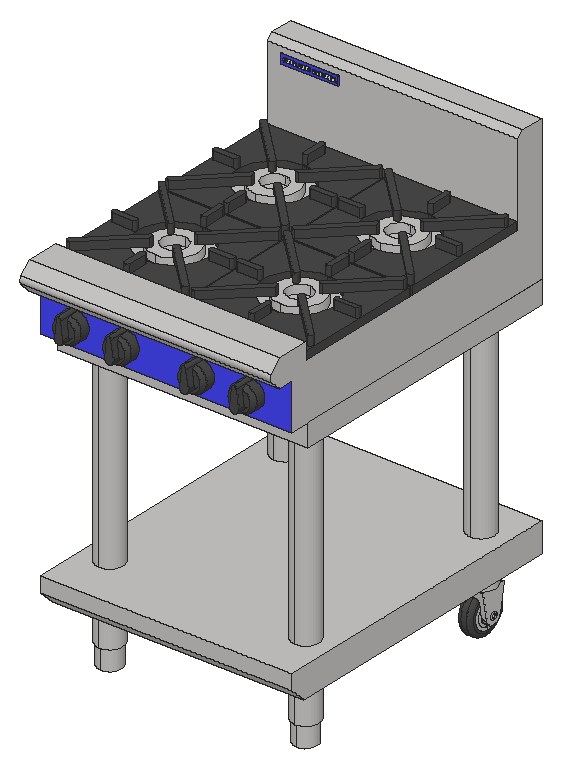
Revit family "QF_MOFFAT_BLUESEAL_CE_G514D-LS", category Specialty Equipment, Revit 2012
Parameters
  Weight in Pounds = 176  # constant formula
  URL Cutsheet = "www.moffat.com"
  URL = "www.moffat.com"
  Type Mark [instance] = ""
  Status [instance] = ""
  Specification by User [instance] = ""
  Specification by Manufacturer = ""
  Show Logo [instance] = yes
  Show Casters [instance] = yes
  Serial Number = ""
  Seismic Rating = ""
  SMACNA No = ""
  Revision Code [instance] = ""
  Omniclass Number and Title = ""
  NAFEM Spec ID Number = ""
  Model = "G514D-LS"
  Mechanical Remarks = ""
  Mechanical Connection Type = ""
  Masterspec = ""
  Manufacturer = "MOFFAT BLUESEAL"
  Legs [instance] = not(Show Casters)  # no
  Item Number [instance] = ""
  Installed By [instance] = ""
  Identify Quantity as Lot [instance] = yes
  Gas Size = 3/4"
  Gas RI Height = 0 mm
  Gas KW = 28
  Gas Input = 96400.0 Btu/h
  Gas Connection Height = 0 mm
  Furnished By [instance] = ""
  Foodservice Equipment Identifier [instance] = yes
  Description = "600MM GAS COOK TOP ON LEG STAND"
  CSI MasterFormat = ""
  CSI Master Format = ""
  Base Height [instance] = 150 mm
Reference planes
  plane 1 "BACK": y = 0
  plane 2: z = 0
  plane 3 "LEFT": x = 0
  plane 4 "RIGHT": x = 600
  plane 5 "FRONT": y = -812
  plane 6 "TOP": z = 970
  plane 7 "Center Y": x = 300
  plane 8 "Center X": y = -406
  plane 9 "Base Height": z = 150
  plane 10: z = 915
  plane 11: y = -31
  plane 12: x = 470
  plane 13: z = 1085
  plane 14: y = -625
  plane 15: y = -100
  plane 16: z = 655
Forms (mm)
  Extrusion 1, solid, material "QF_Finishes_Stainless Steel"
    sketch origin (0, 0, 0) x (0, 1, 0) y (0, 0, 1)
      loop
        line (-749, 850) -> (-749, 740) -> (0, 740) -> (0, 1085) -> (-57.5, 1085) -> (-70, 1072.5) -> (-70, 875) -> (-705, 875) -> (-705, 915) -> (-783.97, 915) -> (-808.485, 890.485)
        arc (-808.485, 890.485) -> (-811.999, 882) -> (-808.485, 873.515) r 12
        line (-808.485, 873.515) -> (-784.97, 850) -> (-749, 850)
      loop
        line (0, 685) -> (0, 739.5) -> (-699, 739.5) -> (-699, 685) -> (0, 685)
      loop
        line (0, 222.5) -> (-749, 222.5) -> (-749, 186) -> (-713, 150) -> (0, 150) -> (0, 222.5)
    from 0 to 600
  Revolve 2, solid, material "QF_Finishes_Black"
    sketch origin (90, 7, 600) x (0, 1, 0) y (0, 0, -1)
      loop
        line (-789, -229.5) -> (-766, -229.5) -> (-766, -202) -> (-756, -202) -> (-756, -197) -> (-800, -197) -> (-800, -223.651) -> (-789, -229.5)
      axis (-800, -197) -> (-756, -197)
    angle from 0 to 360
  Extrusion 3, solid, material "QF_Finishes_Black"
    sketch origin (90, -759, 797) x (0, 0, 1) y (1, 0, 0)
      loop
        arc (32.192, -4.965) -> (37.079, 0.034) -> (32.192, 5.033) r 5
        line (32.192, 5.033) -> (-10.726, 10.453)
        arc (-10.726, 10.453) -> (-22.392, 0.618) -> (-11.893, -10.454) r 10.487
        line (-11.893, -10.454) -> (32.192, -4.965)
    from 0 to -49
  Extrusion 4, solid, material "QF_Finishes_Stainless Steel"
    sketch origin (0, 0, 222.5) x (0, -1, 0) y (1, 0, 0)
      loop
        circle (100, 65) r 31.75
      loop
        circle (625, 65) r 31.75
      loop
        circle (100, 535) r 31.75
      loop
        circle (625, 535) r 31.75
    from 0 to 462.5
  Revolve 5, solid, material "QF_Finishes_Stainless Steel", visible <- "Legs"
    sketch origin (65.5, -166, 0) x (0, 1, 0) y (0, 0, 1)
      loop
        line (34.25, 150) -> (34.25, 50) -> (38.5, 50) -> (38.5, 0) -> (66, 0) -> (66, 150) -> (34.25, 150)
      axis (66, 150) -> (66, 0)
    angle from 0 to 360
  Revolve 6, solid, material "QF_Finishes_Stainless Steel"
    sketch origin (65.5, -735, 0) x (0, 1, 0) y (0, 0, 1)
      loop
        line (78.25, 150) -> (78.25, 50) -> (82.5, 50) -> (82.5, 0) -> (110, 0) -> (110, 150) -> (78.25, 150)
      axis (110, 150) -> (110, 0)
    angle from 0 to 360
  Revolve 7, solid, material "QF_Finishes_Stainless Steel", visible <- "Legs"
    sketch origin (534.5, -166, 0) x (0, 1, 0) y (0, 0, -1)
      loop
        line (34.25, -150) -> (66, -150) -> (66, 0) -> (38.5, 0) -> (38.5, -50) -> (34.25, -50) -> (34.25, -150)
      axis (66, -150) -> (66, 0)
    angle from 0 to 360
  Revolve 8, solid, material "QF_Finishes_Stainless Steel"
    sketch origin (534.5, -728, 0) x (0, 1, 0) y (0, 0, -1)
      loop
        line (71.25, -150) -> (103, -150) -> (103, 0) -> (75.5, 0) -> (75.5, -50) -> (71.25, -50) -> (71.25, -150)
      axis (103, -150) -> (103, 0)
    angle from 0 to 360
  Revolve 9, solid, material "QF_Finishes_Black"
    sketch origin (390, 7, 600) x (0, 1, 0) y (0, 0, -1)
      loop
        line (-789, -229.5) -> (-766, -229.5) -> (-766, -202) -> (-756, -202) -> (-756, -197) -> (-800, -197) -> (-800, -223.651) -> (-789, -229.5)
      axis (-800, -197) -> (-756, -197)
    angle from 0 to 360
  Extrusion 10, solid, material "QF_Finishes_Black"
    sketch origin (390, -759, 797) x (0, 0, 1) y (1, 0, 0)
      loop
        arc (32.192, -4.965) -> (37.079, 0.034) -> (32.192, 5.033) r 5
        line (32.192, 5.033) -> (-10.726, 10.453)
        arc (-10.726, 10.453) -> (-22.392, 0.618) -> (-11.893, -10.454) r 10.487
        line (-11.893, -10.454) -> (32.192, -4.965)
    from 0 to -49
  Revolve 11, solid, material "QF_Finishes_Stainless Steel", visible <- "Show Casters"
    sketch origin (16.276, -100.755, -13.653) x (1, 0, 0) y (0, 0, 1)
      loop
        line (14.841, 63.604) -> (83.584, 63.604) -> (83.584, 67.109) -> (82.314, 68.379) -> (80.79, 68.379) -> (80.79, 71.826) -> (68.644, 71.826) -> (68.644, 81.79) -> (65.088, 83.843) -> (63.738, 92.179) -> (65.881, 92.179) -> (65.881, 98.529) -> (65.088, 98.529) -> (65.088, 104.879)
        arc (65.088, 104.879) -> (62.298, 111.614) -> (55.563, 114.404) r 9.525
        line (55.563, 114.404) -> (42.863, 114.404)
        arc (42.863, 114.404) -> (36.127, 111.614) -> (33.338, 104.879) r 9.525
        line (33.338, 104.879) -> (33.338, 98.529) -> (32.544, 98.529) -> (32.544, 92.179) -> (34.687, 92.179) -> (33.352, 83.932) -> (29.782, 81.871) -> (29.782, 71.826) -> (17.635, 71.826) -> (17.635, 68.379) -> (16.111, 68.379) -> (14.841, 67.109) -> (14.841, 63.604)
      axis (14.841, 63.604) -> (83.584, 63.604)
    angle from 0 to 360
  Extrusion 12, solid, material "QF_Finishes_Stainless Steel", visible <- "Show Casters"
    sketch origin (72.001, 132.353, -8.783) x (0, 1, 0) y (0, 0, 1)
      loop
        line (-200.603, 118.783) -> (-264.103, 118.783) -> (-251.746, 53.895)
        arc (-251.746, 53.895) -> (-232.353, 38.783) -> (-212.959, 53.895) r 20
        line (-212.959, 53.895) -> (-200.603, 118.783)
    from -35.667 to 22.923
  Revolve 13, solid, material "QF_Finishes_Stainless Steel", visible <- "Show Casters"
    sketch origin (65.5, -204, 0) x (0, 1, 0) y (0, 0, 1)
      loop
        line (68.25, 150) -> (68.25, 110) -> (104, 110) -> (104, 150) -> (68.25, 150)
      axis (104, 150) -> (104, 110)
    angle from 0 to 360
  Revolve 14, solid, material "QF_Finishes_Stainless Steel", visible <- "Legs"
    sketch origin (65.5, -166, 0) x (0, 1, 0) y (0, 0, 1)
      loop
        line (34.25, 150) -> (34.25, 50) -> (38.5, 50) -> (38.5, 0) -> (66, 0) -> (66, 150) -> (34.25, 150)
      axis (66, 150) -> (66, 0)
    angle from 0 to 360
  Revolve 15, solid, material "QF_Finishes_Stainless Steel", visible <- "Show Casters"
    sketch origin (485.276, -100.755, -13.653) x (1, 0, 0) y (0, 0, 1)
      loop
        line (14.841, 63.604) -> (83.584, 63.604) -> (83.584, 67.109) -> (82.314, 68.379) -> (80.79, 68.379) -> (80.79, 71.826) -> (68.644, 71.826) -> (68.644, 81.79) -> (65.088, 83.843) -> (63.738, 92.179) -> (65.881, 92.179) -> (65.881, 98.529) -> (65.088, 98.529) -> (65.088, 104.879)
        arc (65.088, 104.879) -> (62.298, 111.614) -> (55.563, 114.404) r 9.525
        line (55.563, 114.404) -> (42.863, 114.404)
        arc (42.863, 114.404) -> (36.127, 111.614) -> (33.338, 104.879) r 9.525
        line (33.338, 104.879) -> (33.338, 98.529) -> (32.544, 98.529) -> (32.544, 92.179) -> (34.687, 92.179) -> (33.352, 83.932) -> (29.782, 81.871) -> (29.782, 71.826) -> (17.635, 71.826) -> (17.635, 68.379) -> (16.111, 68.379) -> (14.841, 67.109) -> (14.841, 63.604)
      axis (14.841, 63.604) -> (83.584, 63.604)
    angle from 0 to 360
  Extrusion 16, solid, material "QF_Finishes_Stainless Steel", visible <- "Show Casters"
    sketch origin (541.001, 132.353, -8.783) x (0, 1, 0) y (0, 0, 1)
      loop
        line (-200.603, 118.783) -> (-264.103, 118.783) -> (-251.746, 53.895)
        arc (-251.746, 53.895) -> (-232.353, 38.783) -> (-212.959, 53.895) r 20
        line (-212.959, 53.895) -> (-200.603, 118.783)
    from -35.667 to 22.923
  Revolve 17, solid, material "QF_Finishes_Stainless Steel", visible <- "Show Casters"
    sketch origin (534.5, -204, 0) x (0, 1, 0) y (0, 0, 1)
      loop
        line (68.25, 150) -> (68.25, 110) -> (104, 110) -> (104, 150) -> (68.25, 150)
      axis (104, 150) -> (104, 110)
    angle from 0 to 360
  Revolve 18, solid, material "QF_Finishes_Black"
    sketch origin (210, 7, 599.5) x (0, 1, 0) y (0, 0, -1)
      loop
        line (-789, -229.5) -> (-766, -229.5) -> (-766, -202) -> (-756, -202) -> (-756, -197) -> (-800, -197) -> (-800, -223.651) -> (-789, -229.5)
      axis (-800, -197) -> (-756, -197)
    angle from 0 to 360
  Extrusion 19, solid, material "QF_Finishes_Black"
    sketch origin (210, -759, 796.5) x (0, 0, 1) y (1, 0, 0)
      loop
        arc (32.192, -4.965) -> (37.079, 0.034) -> (32.192, 5.033) r 5
        line (32.192, 5.033) -> (-10.726, 10.453)
        arc (-10.726, 10.453) -> (-22.392, 0.618) -> (-11.893, -10.454) r 10.487
        line (-11.893, -10.454) -> (32.192, -4.965)
    from 0 to -49
  Revolve 20, solid, material "QF_Finishes_Black"
    sketch origin (510, 7, 600) x (0, 1, 0) y (0, 0, -1)
      loop
        line (-789, -229.5) -> (-766, -229.5) -> (-766, -202) -> (-756, -202) -> (-756, -197) -> (-800, -197) -> (-800, -223.651) -> (-789, -229.5)
      axis (-800, -197) -> (-756, -197)
    angle from 0 to 360
  Extrusion 21, solid, material "QF_Finishes_Black"
    sketch origin (510, -759, 797) x (0, 0, 1) y (1, 0, 0)
      loop
        arc (32.192, -4.965) -> (37.079, 0.034) -> (32.192, 5.033) r 5
        line (32.192, 5.033) -> (-10.726, 10.453)
        arc (-10.726, 10.453) -> (-22.392, 0.618) -> (-11.893, -10.454) r 10.487
        line (-11.893, -10.454) -> (32.192, -4.965)
    from 0 to -49
  Extrusion 22, solid, material "QF_Finishes_Stainless Steel"
    sketch origin (0, 0, 685) x (-1, 0, 0) y (0, 1, 0)
      loop
        circle (-470, -32) r 6.35
    from 0 to 30
Lines and regions (mm)
  Split face 1
    outline origin (0, -56.5, 1085) x (0, 1, 0) y (-1, 0, 0)
      loop
        arc (11.115, -264.794) -> (16.115, -273.455) -> (26.115, -273.455) r 10
        line (26.115, -273.455) -> (33.115, -269.413)
        arc (33.115, -269.413) -> (36.775, -265.753) -> (38.115, -260.753) r 10
        line (38.115, -260.753) -> (38.115, -32.794)
        arc (38.115, -32.794) -> (33.115, -24.134) -> (23.115, -24.134) r 10
        line (23.115, -24.134) -> (16.115, -28.176)
        arc (16.115, -28.176) -> (12.455, -31.836) -> (11.115, -36.836) r 10
        line (11.115, -36.836) -> (11.115, -264.794)
  Split face 2
    outline origin (0, -56.5, 1085) x (0, 1, 0) y (-1, 0, 0)
      loop
        arc (11.115, -564.794) -> (16.115, -573.455) -> (26.115, -573.455) r 10
        line (26.115, -573.455) -> (33.115, -569.413)
        arc (33.115, -569.413) -> (36.775, -565.753) -> (38.115, -560.753) r 10
        line (38.115, -560.753) -> (38.115, -332.794)
        arc (38.115, -332.794) -> (33.115, -324.134) -> (23.115, -324.134) r 10
        line (23.115, -324.134) -> (16.115, -328.176)
        arc (16.115, -328.176) -> (12.455, -331.836) -> (11.115, -336.836) r 10
        line (11.115, -336.836) -> (11.115, -564.794)
  symbolic lines, style "SpecialityEquipmentHiddenLines", visible <- "Show Casters"
    curve 1: line (78.456, -46.735, 0) -> (105.952, -62.61, 0)
    curve 2: line (27.656, -134.723, 0) -> (78.456, -46.735, 0)
    curve 3: line (55.152, -150.598, 0) -> (27.656, -134.723, 0)
    curve 4: line (105.952, -62.61, 0) -> (55.152, -150.598, 0)
    curve 5: line (548.456, -46.735, 0) -> (575.952, -62.61, 0)
    curve 6: line (497.656, -134.723, 0) -> (548.456, -46.735, 0)
    curve 7: line (525.152, -150.598, 0) -> (497.656, -134.723, 0)
    curve 8: line (575.952, -62.61, 0) -> (525.152, -150.598, 0)
  symbolic lines
    curve 9: line (260.753, -18.385, 0) -> (32.794, -18.385, 0)
    curve 10: arc (32.794, -18.385, 0) -> (24.134, -23.385, 0) -> (24.134, -33.385, 0) r 10
    curve 11: line (24.134, -33.385, 0) -> (28.176, -40.385, 0)
    curve 12: arc (28.176, -40.385, 0) -> (31.836, -44.045, 0) -> (36.836, -45.385, 0) r 10
    curve 13: line (36.836, -45.385, 0) -> (264.794, -45.385, 0)
    curve 14: arc (264.794, -45.385, 0) -> (273.455, -40.385, 0) -> (273.455, -30.385, 0) r 10
    curve 15: line (273.455, -30.385, 0) -> (269.413, -23.385, 0)
    curve 16: arc (269.413, -23.385, 0) -> (265.753, -19.725, 0) -> (260.753, -18.385, 0) r 10
    curve 17: line (332.794, -18.385, 0) -> (560.753, -18.385, 0)
    curve 18: arc (560.753, -18.385, 0) -> (565.753, -19.725, 0) -> (569.413, -23.385, 0) r 10
    curve 19: line (569.413, -23.385, 0) -> (573.455, -30.385, 0)
    curve 20: arc (573.455, -30.385, 0) -> (573.455, -40.385, 0) -> (564.794, -45.385, 0) r 10
    curve 21: line (564.794, -45.385, 0) -> (336.836, -45.385, 0)
    curve 22: arc (336.836, -45.385, 0) -> (331.836, -44.045, 0) -> (328.176, -40.385, 0) r 10
    curve 23: line (328.176, -40.385, 0) -> (324.134, -33.385, 0)
    curve 24: arc (324.134, -33.385, 0) -> (324.134, -23.385, 0) -> (332.794, -18.385, 0) r 10
    curve 25: line (0, -783.97, 0) -> (600, -783.97, 0)
    curve 26: line (0, 0, 0) -> (0, -811.999, 0)
    curve 27: line (600, -811.999, 0) -> (600, 0, 0)
    curve 28: line (600, -811.999, 0) -> (0, -811.999, 0)
    curve 29: line (0, -70, 0) -> (600, -70, 0)
    curve 30: line (0, -57.5, 0) -> (600, -57.5, 0)
    curve 31: line (600, 0, 0) -> (0, 0, 0)
Dimensions and locks
  equal spacing: plane 3 "LEFT", plane 7 "Center Y", plane 4 "RIGHT"
  plane 3 "LEFT" to plane 4 "RIGHT" = 600 mm
  equal spacing: plane 5 "FRONT", plane 8 "Center X", plane 1 "BACK"
  plane 5 "FRONT" to plane 1 "BACK" = 812 mm  (x2)
  equal spacing: plane 4 "RIGHT", plane 7 "Center Y", plane 3 "LEFT"
  plane 4 "RIGHT" to plane 3 "LEFT" = 600 mm
  "Base Height": plane 9 "Base Height" to level
  plane 6 "TOP" to level = 970 mm
  plane 10 to level = 915 mm
  plane 11 to plane 1 "BACK" = 31 mm
  plane 12 to plane 4 "RIGHT" = 130 mm
  plane 13 to plane 2 = 1085 mm
  Revolve 11 sketch curve to Revolve 11 sketch curve = 50.8 mm
  Revolve 15 sketch curve to Revolve 15 sketch curve = 50.8 mm
  plane 16 to plane 2 = 655 mm
  aligned and locked: level to plane 2
Automatic sketch dimensions
  plane 1 "BACK" to curve 31 = 0 mm
  curve 31 to plane 3 "LEFT" = 0 mm
  curve 27 to plane 4 "RIGHT" = 0 mm
  plane 3 "LEFT" to curve 3 = 27.656 mm
  curve 10 to plane 11 = 2.385 mm
  plane 3 "LEFT" to curve 10 = 24.134 mm
  curve 11 to curve 12 = 4.041 mm
  curve 10 to curve 9 = 8.66 mm
  curve 12 to plane 11 = 4.385 mm
  curve 10 to curve 12 = 4.041 mm
  curve 2 to curve 3 = 27.496 mm
  curve 2 to plane 11 = 15.735 mm
  curve 12 to curve 2 = 41.62 mm
  plane 11 to curve 9 = 12.615 mm
  curve 9 to plane 7 "Center Y" = 39.247 mm
  curve 14 to plane 11 = 4.385 mm
  curve 16 to curve 14 = 4.041 mm
  plane 11 to curve 15 = 7.615 mm
  curve 16 to curve 15 = 8.66 mm
  plane 11 to curve 14 = 0.615 mm
  curve 15 to curve 14 = 4.041 mm
  curve 24 to plane 11 = 2.385 mm
  plane 7 "Center Y" to curve 24 = 24.134 mm
  curve 23 to plane 11 = 9.385 mm
  curve 23 to curve 23 = 4.041 mm
  plane 11 to curve 17 = 12.615 mm
  curve 24 to curve 17 = 8.66 mm
  curve 23 to curve 22 = 8.66 mm
  plane 12 to curve 7 = 27.656 mm
  curve 6 to curve 8 = 27.496 mm
  curve 6 to plane 11 = 15.735 mm
  plane 4 "RIGHT" to curve 6 = 51.544 mm
  curve 5 to curve 18 = 12.297 mm
  curve 5 to curve 21 = 16.339 mm
  plane 11 to curve 19 = 7.615 mm
  curve 17 to curve 19 = 8.66 mm
  plane 11 to curve 20 = 0.615 mm
  curve 18 to curve 20 = 4.041 mm
  curve 30 to plane 11 = 26.5 mm
  curve 4 to curve 1 = 15.875 mm
  curve 5 to curve 30 = 5.11 mm
  curve 29 to curve 30 = 12.5 mm
  curve 25 to plane 5 "FRONT" = 28.03 mm
  curve 28 to plane 5 "FRONT" = 0.001 mm
  curve 22 to curve 23 = 5 mm
  plane 10 to Extrusion 1 sketch curve = 0 mm
  Extrusion 1 sketch curve to plane 9 "Base Height" = 0 mm
  plane 13 to Extrusion 1 sketch curve = 0 mm
  Extrusion 1 sketch curve to plane 1 "BACK" = 0 mm  (x3)
  Extrusion 1 sketch curve to plane 11 = 26.5 mm
  plane 13 to Extrusion 1 sketch curve = 12.5 mm
  Extrusion 1 sketch curve to Extrusion 1 sketch curve = 12.5 mm
  plane 14 to Extrusion 1 sketch curve = 74 mm
  plane 14 to Extrusion 1 sketch curve = 80 mm
  plane 14 to Extrusion 1 sketch curve = 88 mm
  Extrusion 1 sketch curve to Extrusion 1 sketch curve = 44 mm
  Extrusion 1 sketch curve to Extrusion 1 sketch curve = 36 mm
  Extrusion 1 sketch curve to plane 5 "FRONT" = 28.03 mm
  Extrusion 1 sketch curve to plane 5 "FRONT" = 27.03 mm
  Extrusion 1 sketch curve to plane 5 "FRONT" = 12.001 mm
  Extrusion 1 sketch curve to plane 5 "FRONT" = 3.515 mm  (x2)
  plane 9 "Base Height" to Extrusion 1 sketch curve = 36 mm
  plane 9 "Base Height" to Extrusion 1 sketch curve = 72.5 mm
  Extrusion 1 sketch curve to Extrusion 1 sketch curve = 0.5 mm
  plane 10 to Extrusion 1 sketch curve = 65 mm
  Extrusion 1 sketch curve to Extrusion 1 sketch curve = 23.515 mm
  plane 10 to Extrusion 1 sketch curve = 40 mm
  Extrusion 1 sketch curve to Extrusion 1 sketch curve = 8.485 mm
  Revolve 2 sketch curve to plane 5 "FRONT" = 19 mm
  Revolve 2 sketch curve to Revolve 2 sketch curve = 0 mm  (x2)
  Revolve 2 sketch curve to Revolve 2 sketch curve = 11 mm
  Revolve 2 sketch curve to Revolve 2 sketch curve = 12.7 mm
  Revolve 2 sketch curve to Revolve 2 sketch curve = 23 mm
  Revolve 2 sketch curve to Revolve 2 sketch curve = 10 mm
  plane 10 to Revolve 2 sketch curve = 85.5 mm
  Revolve 2 sketch curve to Revolve 2 sketch curve = 5.849 mm
  Revolve 2 sketch curve to Revolve 2 sketch curve = 27.5 mm
  Revolve 2 sketch curve to Revolve 2 sketch curve = 5 mm
  Extrusion 3 sketch curve to Revolve 2 = 0.034 mm  (x2)
  Revolve 2 to Extrusion 3 sketch curve = 10.454 mm
  Extrusion 3 sketch curve to Extrusion 3 sketch curve = 0.028 mm
  Extrusion 3 sketch curve to Revolve 2 = 10.453 mm
  Extrusion 3 sketch curve to Extrusion 3 sketch curve = 44 mm
  Extrusion 3 sketch curve to Revolve 2 = 5.033 mm
  Extrusion 3 sketch curve to Extrusion 3 sketch curve = 0.113 mm
  Revolve 2 to Extrusion 3 sketch curve = 4.965 mm
  Extrusion 4 sketch curve to Extrusion 4 sketch curve = 0 mm  (x8)
  Extrusion 1 to Extrusion 4 sketch curve = 68.25 mm  (x2)
  Extrusion 4 sketch curve to Extrusion 4 sketch curve = 31.75 mm  (x4)
  Extrusion 4 sketch curve to Extrusion 1 = 155.75 mm  (x2)
  Extrusion 1 to Extrusion 4 sketch curve = 65 mm  (x4)
  Revolve 5 sketch curve to plane 9 "Base Height" = 0 mm
  Revolve 5 sketch curve to level = 0 mm
  Revolve 5 sketch curve to plane 15 = 0 mm  (x2)
  Revolve 5 sketch curve to Revolve 5 sketch curve = 27.5 mm
  Revolve 5 sketch curve to Revolve 5 sketch curve = 31.75 mm
  Revolve 5 sketch curve to Revolve 5 sketch curve = 55 mm
  level to Revolve 5 sketch curve = 50 mm
  Revolve 5 sketch curve to Revolve 5 sketch curve = 0 mm
  Revolve 6 sketch curve to plane 9 "Base Height" = 0 mm
  Revolve 6 sketch curve to level = 0 mm
  Revolve 6 sketch curve to plane 14 = 0 mm  (x2)
  Revolve 6 sketch curve to Revolve 6 sketch curve = 27.5 mm
  Revolve 6 sketch curve to Revolve 6 sketch curve = 31.75 mm
  Revolve 6 sketch curve to Revolve 6 sketch curve = 55 mm
  level to Revolve 6 sketch curve = 50 mm
  Revolve 6 sketch curve to Revolve 6 sketch curve = 0 mm
  Revolve 7 sketch curve to plane 9 "Base Height" = 0 mm
  Revolve 7 sketch curve to level = 0 mm
  Revolve 7 sketch curve to plane 15 = 0 mm  (x2)
  plane 15 to Revolve 7 sketch curve = 27.5 mm
  plane 15 to Revolve 7 sketch curve = 31.75 mm
  level to Revolve 7 sketch curve = 50 mm
  Revolve 7 sketch curve to Revolve 7 sketch curve = 0 mm
  Revolve 7 sketch curve to Revolve 7 sketch curve = 55 mm
  Revolve 8 sketch curve to plane 9 "Base Height" = 0 mm
  Revolve 8 sketch curve to level = 0 mm
  Revolve 8 sketch curve to plane 14 = 0 mm  (x2)
  plane 14 to Revolve 8 sketch curve = 27.5 mm
  plane 14 to Revolve 8 sketch curve = 31.75 mm
  level to Revolve 8 sketch curve = 50 mm
  Revolve 8 sketch curve to Revolve 8 sketch curve = 0 mm
  Revolve 8 sketch curve to Revolve 8 sketch curve = 55 mm
  Revolve 9 sketch curve to plane 5 "FRONT" = 19 mm
  Revolve 9 sketch curve to Revolve 9 sketch curve = 0 mm  (x2)
  Revolve 9 sketch curve to Revolve 9 sketch curve = 11 mm
  Revolve 9 sketch curve to Revolve 9 sketch curve = 12.7 mm
  Revolve 9 sketch curve to Revolve 9 sketch curve = 23 mm
  Revolve 9 sketch curve to Revolve 9 sketch curve = 10 mm
  plane 10 to Revolve 9 sketch curve = 85.5 mm
  Revolve 9 sketch curve to Revolve 9 sketch curve = 5.849 mm
  Revolve 9 sketch curve to Revolve 9 sketch curve = 27.5 mm
  Revolve 9 sketch curve to Revolve 9 sketch curve = 5 mm
  Extrusion 10 sketch curve to Revolve 9 = 0.034 mm  (x2)
  Revolve 9 to Extrusion 10 sketch curve = 10.454 mm
  Extrusion 10 sketch curve to Extrusion 10 sketch curve = 0.028 mm
  Extrusion 10 sketch curve to Revolve 9 = 10.453 mm
  Extrusion 10 sketch curve to Extrusion 10 sketch curve = 44 mm
  Extrusion 10 sketch curve to Revolve 9 = 5.033 mm
  Extrusion 10 sketch curve to Extrusion 10 sketch curve = 0.113 mm
  Revolve 9 to Extrusion 10 sketch curve = 4.965 mm
  plane 3 "LEFT" to Revolve 11 sketch curve = 31.118 mm
  Revolve 11 sketch curve to Revolve 11 sketch curve = 1.27 mm  (x4)
  Revolve 11 sketch curve to Revolve 11 sketch curve = 1.524 mm  (x2)
  Revolve 11 sketch curve to Revolve 11 sketch curve = 12.146 mm  (x2)
  Revolve 11 sketch curve to Revolve 11 sketch curve = 2.762 mm
  Revolve 11 sketch curve to Revolve 11 sketch curve = 0.794 mm  (x2)
  Revolve 11 sketch curve to Revolve 11 sketch curve = 3.57 mm
  Revolve 11 sketch curve to Revolve 11 sketch curve = 2.143 mm
  Revolve 11 sketch curve to Revolve 11 sketch curve = 9.525 mm
  Revolve 11 sketch curve to Revolve 11 sketch curve = 24.572 mm
  Revolve 11 sketch curve to Revolve 11 sketch curve = 12.7 mm
  Revolve 11 sketch curve to Revolve 11 sketch curve = 8.176 mm
  Revolve 11 sketch curve to Revolve 11 sketch curve = 1.349 mm  (x2)
  Revolve 11 sketch curve to Revolve 11 sketch curve = 3.556 mm
  Revolve 11 sketch curve to Revolve 11 sketch curve = 33.32 mm
  level to Revolve 11 sketch curve = 49.952 mm
  Revolve 11 sketch curve to Revolve 11 sketch curve = 0 mm
  Revolve 11 sketch curve to Revolve 11 sketch curve = 3.505 mm  (x2)
  Revolve 11 sketch curve to Revolve 11 sketch curve = 3.447 mm  (x2)
  Revolve 11 sketch curve to Revolve 11 sketch curve = 9.964 mm
  Revolve 11 sketch curve to Revolve 11 sketch curve = 10.045 mm
  Revolve 11 sketch curve to Revolve 11 sketch curve = 2.053 mm
  Revolve 11 sketch curve to Revolve 11 sketch curve = 2.061 mm
  Revolve 11 sketch curve to Revolve 11 sketch curve = 8.247 mm
  Revolve 11 sketch curve to Revolve 11 sketch curve = 8.336 mm
  Revolve 11 sketch curve to Revolve 11 sketch curve = 6.35 mm  (x2)
  Extrusion 12 sketch curve to plane 15 = 0 mm
  plane 15 to Extrusion 12 sketch curve = 19.393 mm
  plane 15 to Extrusion 12 sketch curve = 31.75 mm
  Extrusion 12 sketch curve to plane 15 = 19.393 mm
  Extrusion 12 sketch curve to plane 15 = 31.75 mm
  level to Extrusion 12 sketch curve = 45.111 mm
  Extrusion 12 sketch curve to Extrusion 12 sketch curve = 4.889 mm
  Extrusion 12 sketch curve to plane 9 "Base Height" = 40 mm
  Revolve 13 sketch curve to plane 9 "Base Height" = 0 mm
  Revolve 13 sketch curve to plane 15 = 0 mm  (x2)
  plane 15 to Revolve 13 sketch curve = 35.75 mm
  Revolve 13 sketch curve to Revolve 13 sketch curve = 40 mm
  level to Revolve 13 sketch curve = 50 mm
  Revolve 13 sketch curve to level = 55 mm
  Revolve 14 sketch curve to plane 9 "Base Height" = 0 mm
  Revolve 14 sketch curve to level = 0 mm
  Revolve 14 sketch curve to plane 15 = 0 mm  (x2)
  Revolve 14 sketch curve to Revolve 14 sketch curve = 27.5 mm
  Revolve 14 sketch curve to Revolve 14 sketch curve = 31.75 mm
  Revolve 14 sketch curve to Revolve 14 sketch curve = 55 mm
  level to Revolve 14 sketch curve = 50 mm
  Revolve 14 sketch curve to Revolve 14 sketch curve = 0 mm
  plane 12 to Revolve 15 sketch curve = 30.118 mm
  Revolve 15 sketch curve to Revolve 15 sketch curve = 1.27 mm  (x4)
  Revolve 15 sketch curve to Revolve 15 sketch curve = 1.524 mm  (x2)
  Revolve 15 sketch curve to Revolve 15 sketch curve = 12.146 mm  (x2)
  Revolve 15 sketch curve to Revolve 15 sketch curve = 2.762 mm
  Revolve 15 sketch curve to Revolve 15 sketch curve = 0.794 mm  (x2)
  Revolve 15 sketch curve to Revolve 15 sketch curve = 3.57 mm
  Revolve 15 sketch curve to Revolve 15 sketch curve = 2.143 mm
  Revolve 15 sketch curve to Revolve 15 sketch curve = 9.525 mm
  Revolve 15 sketch curve to Revolve 15 sketch curve = 24.572 mm
  Revolve 15 sketch curve to Revolve 15 sketch curve = 12.7 mm
  Revolve 15 sketch curve to Revolve 15 sketch curve = 8.176 mm
  Revolve 15 sketch curve to Revolve 15 sketch curve = 1.349 mm  (x2)
  Revolve 15 sketch curve to Revolve 15 sketch curve = 3.556 mm
  Revolve 15 sketch curve to plane 4 "RIGHT" = 2.18 mm
  level to Revolve 15 sketch curve = 49.952 mm
  Revolve 15 sketch curve to Revolve 15 sketch curve = 0 mm
  Revolve 15 sketch curve to Revolve 15 sketch curve = 3.505 mm  (x2)
  Revolve 15 sketch curve to Revolve 15 sketch curve = 3.447 mm  (x2)
  Revolve 15 sketch curve to Revolve 15 sketch curve = 9.964 mm
  Revolve 15 sketch curve to Revolve 15 sketch curve = 10.045 mm
  Revolve 15 sketch curve to Revolve 15 sketch curve = 2.053 mm
  Revolve 15 sketch curve to Revolve 15 sketch curve = 2.061 mm
  Revolve 15 sketch curve to Revolve 15 sketch curve = 8.247 mm
  Revolve 15 sketch curve to Revolve 15 sketch curve = 8.336 mm
  Revolve 15 sketch curve to Revolve 15 sketch curve = 6.35 mm  (x2)
  Extrusion 16 sketch curve to plane 15 = 0 mm
  plane 15 to Extrusion 16 sketch curve = 19.393 mm
  plane 15 to Extrusion 16 sketch curve = 31.75 mm
  Extrusion 16 sketch curve to plane 15 = 19.393 mm
  Extrusion 16 sketch curve to plane 15 = 31.75 mm
  level to Extrusion 16 sketch curve = 45.111 mm
  Extrusion 16 sketch curve to Extrusion 16 sketch curve = 4.889 mm
  Extrusion 16 sketch curve to plane 9 "Base Height" = 40 mm
  Revolve 17 sketch curve to plane 9 "Base Height" = 0 mm
  Revolve 17 sketch curve to plane 15 = 0 mm  (x2)
  Revolve 17 sketch curve to Revolve 17 sketch curve = 35.75 mm
  Revolve 17 sketch curve to Revolve 17 sketch curve = 40 mm
  level to Revolve 17 sketch curve = 50 mm
  Revolve 17 sketch curve to level = 55 mm
  Revolve 18 sketch curve to plane 5 "FRONT" = 19 mm
  Revolve 18 sketch curve to Revolve 18 sketch curve = 0 mm  (x2)
  Revolve 18 sketch curve to Revolve 18 sketch curve = 11 mm
  Revolve 18 sketch curve to Revolve 18 sketch curve = 12.7 mm
  Revolve 18 sketch curve to Revolve 18 sketch curve = 23 mm
  Revolve 18 sketch curve to Revolve 18 sketch curve = 10 mm
  plane 10 to Revolve 18 sketch curve = 86 mm
  Revolve 18 sketch curve to Revolve 18 sketch curve = 5.849 mm
  Revolve 18 sketch curve to Revolve 18 sketch curve = 27.5 mm
  Revolve 18 sketch curve to Revolve 18 sketch curve = 5 mm
  Extrusion 19 sketch curve to Revolve 18 = 0.034 mm  (x2)
  Revolve 18 to Extrusion 19 sketch curve = 10.454 mm
  Extrusion 19 sketch curve to Extrusion 19 sketch curve = 0.028 mm
  Extrusion 19 sketch curve to Revolve 18 = 10.453 mm
  Extrusion 19 sketch curve to Extrusion 19 sketch curve = 44 mm
  Extrusion 19 sketch curve to Revolve 18 = 5.033 mm
  Extrusion 19 sketch curve to Extrusion 19 sketch curve = 0.113 mm
  Revolve 18 to Extrusion 19 sketch curve = 4.965 mm
  Revolve 20 sketch curve to plane 5 "FRONT" = 19 mm
  Revolve 20 sketch curve to Revolve 20 sketch curve = 0 mm  (x2)
  Revolve 20 sketch curve to Revolve 20 sketch curve = 11 mm
  Revolve 20 sketch curve to Revolve 20 sketch curve = 12.7 mm
  Revolve 20 sketch curve to Revolve 20 sketch curve = 23 mm
  Revolve 20 sketch curve to Revolve 20 sketch curve = 10 mm
  plane 10 to Revolve 20 sketch curve = 85.5 mm
  Revolve 20 sketch curve to Revolve 20 sketch curve = 5.849 mm
  Revolve 20 sketch curve to Revolve 20 sketch curve = 27.5 mm
  Revolve 20 sketch curve to Revolve 20 sketch curve = 5 mm
  Extrusion 21 sketch curve to Revolve 20 = 0.034 mm  (x2)
  Revolve 20 to Extrusion 21 sketch curve = 10.454 mm
  Extrusion 21 sketch curve to Extrusion 21 sketch curve = 0.028 mm
  Extrusion 21 sketch curve to Revolve 20 = 10.453 mm
  Extrusion 21 sketch curve to Extrusion 21 sketch curve = 44 mm
  Extrusion 21 sketch curve to Revolve 20 = 5.033 mm
  Extrusion 21 sketch curve to Extrusion 21 sketch curve = 0.113 mm
  Revolve 20 to Extrusion 21 sketch curve = 4.965 mm
  Extrusion 1 sketch curve to Extrusion 1 sketch curve = 165 mm
  Extrusion 1 sketch curve to Extrusion 1 sketch curve = 54.5 mm
  Extrusion 22 sketch curve to Extrusion 22 sketch curve = 0 mm  (x2)
  Extrusion 22 sketch curve to Extrusion 1 = 25.65 mm
  Extrusion 22 sketch curve to Extrusion 1 = 130 mm
  Extrusion 22 sketch curve to Extrusion 22 sketch curve = 6.35 mm
  Split face 1 sketch curve to Extrusion 1 = 12.115 mm
  Split face 1 sketch curve to Split face 1 sketch curve = 5 mm  (x3)
  Split face 1 sketch curve to Split face 1 sketch curve = 10 mm  (x2)
  Split face 1 sketch curve to Split face 1 sketch curve = 7 mm  (x4)
  Split face 1 sketch curve to Extrusion 1 = 273.455 mm
  Split face 1 sketch curve to Split face 1 sketch curve = 4.041 mm  (x2)
  Split face 1 sketch curve to Extrusion 1 = 36.836 mm
  Split face 2 sketch curve to Extrusion 1 = 12.115 mm
  Split face 2 sketch curve to Split face 2 sketch curve = 5 mm  (x3)
  Split face 2 sketch curve to Split face 2 sketch curve = 10 mm  (x2)
  Split face 2 sketch curve to Split face 2 sketch curve = 7 mm  (x4)
  Split face 2 sketch curve to Extrusion 1 = 26.545 mm
  Split face 2 sketch curve to Split face 2 sketch curve = 4.041 mm  (x2)
  Split face 2 sketch curve to Split face 2 sketch curve = 223.917 mm
Nested families
  nested 1: "WALDORF LOGO_FACE BASE" at (32, -70, 1057.475) x (1, 0, 0) z (0, -1, 0), visible <- "Show Logo", type "WALDORF LOGO_FACE BASE", detail levels medium+fine
    with Show Logo yes
  nested 2: "GAS BURNER 600" at (0, -70, 875), type "GAS BURNER 600"
    with Width 600 mm, Type Mark "", Status "", Specification by User "", Revision Code "", Item Number "", Installed By "", Identify Quantity as Lot yes, Furnished By "", Foodservice Equipment Identifier yes, Depth 635 mm
Connectors
  piping at (470, -32, 655)
    settings: on Extrusion 22, index 1, connector radius 0.37402", flow factor 0, pipe flow 0 GPM, pressure drop 0.00 psi, fitting loss kfactor 0, connector angle 0.00°, fixture units 0, engagement length 0 mm, flow configuration 1, flow direction 1, fitting loss method 0, system type 7, joint type 0, gender type 0, connector reference index -1, connector utility 0, adjustable connector no, is connector primary yes, fitting loss table "", connector description "GAS CONNECTION"
Definition of nested family "WALDORF LOGO_FACE BASE"
  Parameters (values of type "WALDORF LOGO_FACE BASE")
    Show Logo [instance] = yes
    Default Elevation = 1219.2 mm
  Reference planes
    plane 1 "Center (Front/Back)": y = 0
    plane 2: z = 0
    plane 3 "Center (Left/Right)": x = 0
  Forms (mm)
    Extrusion 1, solid
      sketch origin (0, 0, 0) x (1, 0, 0) y (0, 1, 0)
        loop
          line (-1219.2, 1219.2) -> (-1219.2, -1219.2) -> (1219.2, -1219.2) -> (1219.2, 1219.2) -> (-1219.2, 1219.2)
      from 0 to -304.8
    Extrusion 2, solid, material "QF_Finishes_Blue", visible <- "Show Logo"
      sketch origin (0, -33.217, 0) x (1, 0, 0) y (0, 1, 0)
        loop
          arc (138, 31.942) -> (137.626, 32.844) -> (136.724, 33.217) r 1.276
          line (136.724, 33.217) -> (1.29, 33.217)
          arc (1.29, 33.217) -> (0.378, 32.839) -> (0, 31.927) r 1.29
          line (0, 31.927) -> (0, 11.507)
          arc (0, 11.507) -> (0.378, 10.595) -> (1.29, 10.217) r 1.29
          line (1.29, 10.217) -> (136.71, 10.217)
          arc (136.71, 10.217) -> (137.622, 10.595) -> (138, 11.507) r 1.29
          line (138, 11.507) -> (138, 31.942)
      from 0 to 1.588
    Extrusion 3, solid, material "QF_Finishes_White", visible <- "Show Logo"
      sketch origin (0, -33.217, 1.588) x (1, 0, 0) y (0, 1, 0)
        loop
          arc (108.946, 25.919) -> (107.613, 25.367) -> (107.061, 24.034) r 1.885
          line (107.061, 24.034) -> (107.061, 17.211) -> (112.704, 17.211) -> (112.704, 19.129) -> (115.546, 19.129) -> (115.546, 17.211) -> (121.584, 17.211) -> (121.584, 24.075)
          arc (121.584, 24.075) -> (121.043, 25.379) -> (119.739, 25.919) r 1.845
          line (119.739, 25.919) -> (108.946, 25.919)
        loop
          line (123.478, 25.919) -> (123.478, 17.163) -> (134.904, 17.163) -> (134.904, 19.129) -> (129.246, 19.129) -> (129.246, 25.919) -> (123.478, 25.919)
        loop
          line (112.704, 21.258) -> (115.546, 21.258) -> (115.546, 22.702)
          arc (115.546, 22.702) -> (115.344, 23.188) -> (114.858, 23.389) r 0.687
          line (114.858, 23.389) -> (113.363, 23.389)
          arc (113.363, 23.389) -> (112.897, 23.196) -> (112.704, 22.73) r 0.658
          line (112.704, 22.73) -> (112.704, 21.258)
        loop
          line (105.071, 25.919) -> (93.771, 25.919) -> (93.771, 17.163) -> (105.071, 17.163) -> (105.071, 19.063) -> (99.535, 19.063) -> (99.535, 20.437) -> (105.071, 20.437) -> (105.071, 22.278) -> (99.535, 22.278) -> (99.535, 23.587) -> (105.071, 23.587) -> (105.071, 25.919)
        loop
          line (91.104, 25.919) -> (79.541, 25.919)
          arc (79.541, 25.919) -> (78.558, 25.513) -> (78.152, 24.53) r 1.389
          line (78.152, 24.53) -> (78.152, 22.08)
          arc (78.152, 22.08) -> (78.558, 21.098) -> (79.541, 20.691) r 1.389
          line (79.541, 20.691) -> (86.346, 20.691) -> (86.346, 18.864) -> (83.266, 18.864) -> (83.266, 19.664) -> (78.152, 19.664) -> (78.152, 18.553)
          arc (78.152, 18.553) -> (78.558, 17.57) -> (79.541, 17.163) r 1.389
          line (79.541, 17.163) -> (91.063, 17.163)
          arc (91.063, 17.163) -> (92.045, 17.57) -> (92.452, 18.553) r 1.389
          line (92.452, 18.553) -> (92.452, 20.691)
          arc (92.452, 20.691) -> (92.045, 21.673) -> (91.063, 22.08) r 1.389
          line (91.063, 22.08) -> (83.266, 22.08) -> (83.266, 23.984) -> (86.346, 23.984) -> (86.346, 22.743) -> (92.452, 22.743) -> (92.452, 24.571)
          arc (92.452, 24.571) -> (92.057, 25.524) -> (91.104, 25.919) r 1.348
        loop
          line (70.705, 25.919) -> (59.405, 25.919) -> (59.405, 17.163) -> (70.705, 17.163) -> (70.705, 19.063) -> (65.169, 19.063) -> (65.169, 20.437) -> (70.705, 20.437) -> (70.705, 22.278) -> (65.169, 22.278) -> (65.169, 23.587) -> (70.705, 23.587) -> (70.705, 25.919)
        loop
          line (57.598, 25.919) -> (51.7, 25.919) -> (51.7, 20.18)
          arc (51.7, 20.18) -> (50.63, 19.11) -> (49.56, 20.18) r 1.07
          line (49.56, 20.18) -> (49.56, 25.919) -> (43.663, 25.919) -> (43.663, 19.049)
          arc (43.663, 19.049) -> (44.215, 17.716) -> (45.548, 17.163) r 1.885
          line (45.548, 17.163) -> (55.71, 17.163)
          arc (55.71, 17.163) -> (57.045, 17.716) -> (57.598, 19.051) r 1.887
          line (57.598, 19.051) -> (57.598, 25.919)
        loop
          line (31.62, 25.919) -> (31.62, 17.163) -> (43.046, 17.163) -> (43.046, 19.129) -> (37.388, 19.129) -> (37.388, 25.919) -> (31.62, 25.919)
        loop
          line (15.969, 25.919) -> (15.969, 17.163) -> (28.693, 17.163)
          arc (28.693, 17.163) -> (29.812, 17.627) -> (30.276, 18.746) r 1.582
          line (30.276, 18.746) -> (30.276, 20.447) -> (29.48, 21.243) -> (30.276, 22.039) -> (30.276, 24.332)
          arc (30.276, 24.332) -> (29.811, 25.454) -> (28.688, 25.919) r 1.587
          line (28.688, 25.919) -> (15.969, 25.919)
        loop
          line (21.449, 24.159) -> (21.449, 22.436) -> (23.862, 22.436)
          arc (23.862, 22.436) -> (24.723, 23.298) -> (23.862, 24.159) r 0.861
          line (23.862, 24.159) -> (21.449, 24.159)
        loop
          line (21.449, 20.244) -> (21.449, 18.522) -> (23.862, 18.522)
          arc (23.862, 18.522) -> (24.723, 19.383) -> (23.862, 20.244) r 0.861
          line (23.862, 20.244) -> (21.449, 20.244)
      from 0 to 0.2
    Extrusion 4, solid, material "QF_Finishes_Blue", visible <- "Show Logo"
      sketch origin (-126.498, -31.09, 1.588) x (1, 0, 0) y (0, 1, 0)
        loop
          line (136.738, 23.522) -> (136.738, 15.1)
          arc (136.738, 15.1) -> (140.756, 19.311) -> (136.738, 23.522) r 4.216
      from 0 to 0.2
    Extrusion 5, solid, material "QF_Finishes_Red", visible <- "Show Logo"
      sketch origin (146.849, -31.09, 1.588) x (-1, 0, 0) y (0, -1, 0)
        loop
          arc (136.738, -23.522) -> (140.756, -19.311) -> (136.738, -15.1) r 4.216
          line (136.738, -15.1) -> (136.738, -23.522)
      from 0 to 0.2
  Lines and regions (mm)
    Split face 1
      outline origin (-90.35, -30.793, 1.588) x (1, 0, 0) y (0, 1, 0)
        loop
          circle (100.54, 19.013) r 4.536
  Dimensions and locks
    aligned and locked: plane 2 to Extrusion 1
    aligned and locked: level to Extrusion 1
Definition of nested family "GAS BURNER 600"
  Parameters (values of type "GAS BURNER 600")
    Width [instance] = 600 mm
    Weight in Pounds = 0
    URL Cutsheet = ""
    Type Mark [instance] = ""
    Status [instance] = ""
    Specification by User [instance] = ""
    Specification by Manufacturer = ""
    Serial Number = ""
    Seismic Rating = ""
    SMACNA No = ""
    Revision Code [instance] = ""
    Omniclass Number and Title = ""
    NAFEM Spec ID Number = ""
    Masterspec = ""
    Item Number [instance] = ""
    Installed By [instance] = ""
    Identify Quantity as Lot [instance] = yes
    Furnished By [instance] = ""
    Foodservice Equipment Identifier [instance] = yes
    Depth [instance] = 635 mm
    CSI MasterFormat = ""
    CSI Master Format = ""
  Reference planes
    plane 1 "BACK": y = 0
    plane 2: z = 0
    plane 3 "LEFT": x = 0
    plane 4 "RIGHT": x = 600
    plane 5 "FRONT": y = -635
    plane 6 "TOP": z = 142.5
    plane 7 "Center Y": x = 300
    plane 8 "Center X": y = -317.5
  Forms (mm)
    Extrusion 1, solid, material "QF_Finishes_Black"
      sketch origin (0, 0, 0) x (0, -1, 0) y (1, 0, 0)
        loop
          line (318.5, 4) -> (318.5, 296)
          arc (318.5, 296) -> (317.621, 298.121) -> (315.5, 299) r 3
          line (315.5, 299) -> (3, 299)
          arc (3, 299) -> (0.879, 298.121) -> (0, 296) r 3
          line (0, 296) -> (0, 4)
          arc (0, 4) -> (0.879, 1.879) -> (3, 1) r 3
          line (3, 1) -> (315.5, 1)
          arc (315.5, 1) -> (317.621, 1.879) -> (318.5, 4) r 3
        loop
          line (324.5, 1) -> (632, 1)
          arc (632, 1) -> (634.121, 1.879) -> (635, 4) r 3
          line (635, 4) -> (635, 296)
          arc (635, 296) -> (634.121, 298.121) -> (632, 299) r 3
          line (632, 299) -> (324.5, 299)
          arc (324.5, 299) -> (322.379, 298.121) -> (321.5, 296) r 3
          line (321.5, 296) -> (321.5, 4)
          arc (321.5, 4) -> (322.379, 1.879) -> (324.5, 1) r 3
        loop
          circle (168.5, 149.991) r 84.082
        loop
          circle (468.5, 149.991) r 84.082
      from 0 to 19.5
    Extrusion 2, solid, material "QF_Finishes_Black"
      sketch origin (0, 0, 19.5) x (0, -1, 0) y (1, 0, 0)
        loop
          spline (326.102, 15.153) -> (325.181, 13.924) -> (324.631, 12.47) -> (324.49, 10.89) -> (324.767, 9.292) -> (325.443, 7.786) -> (326.473, 6.473) -> (327.786, 5.443) -> (329.292, 4.767) -> (330.89, 4.49) -> (332.47, 4.631) -> (333.924, 5.181) -> (335.153, 6.102)
          line (335.153, 6.102) -> (443.076, 114.025)
          spline (443.076, 114.025) -> (443.837, 115.095) -> (444.238, 116.399) -> (444.251, 117.851) -> (443.875, 119.35) -> (443.137, 120.795) -> (442.086, 122.086) -> (440.795, 123.137) -> (439.35, 123.875) -> (437.851, 124.251) -> (436.399, 124.238) -> (435.095, 123.837) -> (434.025, 123.076)
          line (434.025, 123.076) -> (326.102, 15.153)
        loop
          spline (328.898, 156.4) -> (327.604, 156.182) -> (326.398, 155.543) -> (325.362, 154.525) -> (324.568, 153.2) -> (324.068, 151.656) -> (323.898, 150) -> (324.068, 148.344) -> (324.568, 146.8) -> (325.362, 145.475) -> (326.398, 144.457) -> (327.604, 143.818) -> (328.898, 143.6)
          line (328.898, 143.6) -> (378.102, 143.6)
          spline (378.102, 143.6) -> (379.396, 143.818) -> (380.602, 144.457) -> (381.638, 145.475) -> (382.432, 146.8) -> (382.932, 148.344) -> (383.102, 150) -> (382.932, 151.656) -> (382.432, 153.2) -> (381.638, 154.525) -> (380.602, 155.543) -> (379.396, 156.182) -> (378.102, 156.4)
          line (378.102, 156.4) -> (328.898, 156.4)
        loop
          spline (335.153, 293.898) -> (334.084, 294.659) -> (332.779, 295.059) -> (331.328, 295.072) -> (329.829, 294.697) -> (328.384, 293.959) -> (327.092, 292.908) -> (326.041, 291.616) -> (325.303, 290.171) -> (324.928, 288.672) -> (324.941, 287.221) -> (325.341, 285.916) -> (326.102, 284.847)
          line (326.102, 284.847) -> (434.025, 176.924)
          spline (434.025, 176.924) -> (435.095, 176.163) -> (436.399, 175.762) -> (437.851, 175.749) -> (439.35, 176.125) -> (440.795, 176.863) -> (442.086, 177.914) -> (443.137, 179.205) -> (443.875, 180.65) -> (444.251, 182.149) -> (444.238, 183.601) -> (443.837, 184.905) -> (443.076, 185.975)
          line (443.076, 185.975) -> (335.153, 293.898)
        loop
          line (463.6, 291.102) -> (463.6, 241.898)
          spline (463.6, 241.898) -> (463.818, 240.604) -> (464.457, 239.398) -> (465.475, 238.362) -> (466.8, 237.568) -> (468.344, 237.068) -> (470, 236.898) -> (471.656, 237.068) -> (473.2, 237.568) -> (474.525, 238.362) -> (475.543, 239.398) -> (476.182, 240.604) -> (476.4, 241.898)
          line (476.4, 241.898) -> (476.4, 291.102)
          spline (476.4, 291.102) -> (476.182, 292.396) -> (475.543, 293.602) -> (474.525, 294.638) -> (473.2, 295.432) -> (471.656, 295.932) -> (470, 296.102) -> (468.344, 295.932) -> (466.8, 295.432) -> (465.475, 294.638) -> (464.457, 293.602) -> (463.818, 292.396) -> (463.6, 291.102)
        loop
          spline (612.398, 284.847) -> (613.159, 285.916) -> (613.559, 287.221) -> (613.572, 288.672) -> (613.197, 290.171) -> (612.459, 291.616) -> (611.408, 292.908) -> (610.116, 293.959) -> (608.671, 294.697) -> (607.172, 295.072) -> (605.721, 295.059) -> (604.416, 294.659) -> (603.347, 293.898)
          line (603.347, 293.898) -> (496.924, 185.975)
          spline (496.924, 185.975) -> (496.163, 184.905) -> (495.762, 183.601) -> (495.749, 182.149) -> (496.125, 180.65) -> (496.863, 179.205) -> (497.914, 177.914) -> (499.205, 176.863) -> (500.65, 176.125) -> (502.149, 175.749) -> (503.601, 175.762) -> (504.905, 176.163) -> (505.975, 176.924)
          line (505.975, 176.924) -> (612.398, 284.847)
        loop
          spline (609.602, 143.6) -> (610.896, 143.818) -> (612.102, 144.457) -> (613.138, 145.475) -> (613.932, 146.8) -> (614.432, 148.344) -> (614.602, 150) -> (614.432, 151.656) -> (613.932, 153.2) -> (613.138, 154.525) -> (612.102, 155.543) -> (610.896, 156.182) -> (609.602, 156.4)
          line (609.602, 156.4) -> (561.898, 156.4)
          spline (561.898, 156.4) -> (560.604, 156.182) -> (559.398, 155.543) -> (558.362, 154.525) -> (557.568, 153.2) -> (557.068, 151.656) -> (556.898, 150) -> (557.068, 148.344) -> (557.568, 146.8) -> (558.362, 145.475) -> (559.398, 144.457) -> (560.604, 143.818) -> (561.898, 143.6)
          line (561.898, 143.6) -> (609.602, 143.6)
        loop
          line (612.398, 15.153) -> (505.975, 123.076)
          spline (505.975, 123.076) -> (504.905, 123.837) -> (503.601, 124.238) -> (502.149, 124.251) -> (500.65, 123.875) -> (499.205, 123.137) -> (497.914, 122.086) -> (496.863, 120.795) -> (496.125, 119.35) -> (495.749, 117.851) -> (495.762, 116.399) -> (496.163, 115.095) -> (496.924, 114.025)
          line (496.924, 114.025) -> (603.347, 6.102)
          spline (603.347, 6.102) -> (604.416, 5.341) -> (605.721, 4.941) -> (607.172, 4.928) -> (608.671, 5.303) -> (610.116, 6.041) -> (611.408, 7.092) -> (612.459, 8.384) -> (613.197, 9.829) -> (613.572, 11.328) -> (613.559, 12.779) -> (613.159, 14.084) -> (612.398, 15.153)
        loop
          line (476.4, 8.898) -> (476.4, 58.102)
          spline (476.4, 58.102) -> (476.182, 59.396) -> (475.543, 60.602) -> (474.525, 61.638) -> (473.2, 62.432) -> (471.656, 62.932) -> (470, 63.102) -> (468.344, 62.932) -> (466.8, 62.432) -> (465.475, 61.638) -> (464.457, 60.602) -> (463.818, 59.396) -> (463.6, 58.102)
          line (463.6, 58.102) -> (463.6, 8.898)
          spline (463.6, 8.898) -> (463.818, 7.604) -> (464.457, 6.398) -> (465.475, 5.362) -> (466.8, 4.568) -> (468.344, 4.068) -> (470, 3.898) -> (471.656, 4.068) -> (473.2, 4.568) -> (474.525, 5.362) -> (475.543, 6.398) -> (476.182, 7.604) -> (476.4, 8.898)
        loop
          spline (22.602, 15.153) -> (21.681, 13.924) -> (21.131, 12.47) -> (20.99, 10.89) -> (21.267, 9.292) -> (21.943, 7.786) -> (22.973, 6.473) -> (24.286, 5.443) -> (25.792, 4.767) -> (27.39, 4.49) -> (28.97, 4.631) -> (30.424, 5.181) -> (31.653, 6.102)
          line (31.653, 6.102) -> (139.576, 114.025)
          spline (139.576, 114.025) -> (140.337, 115.095) -> (140.738, 116.399) -> (140.751, 117.851) -> (140.375, 119.35) -> (139.637, 120.795) -> (138.586, 122.086) -> (137.295, 123.137) -> (135.85, 123.875) -> (134.351, 124.251) -> (132.899, 124.238) -> (131.595, 123.837) -> (130.525, 123.076)
          line (130.525, 123.076) -> (22.602, 15.153)
        loop
          spline (25.398, 156.4) -> (24.104, 156.182) -> (22.898, 155.543) -> (21.862, 154.525) -> (21.068, 153.2) -> (20.568, 151.656) -> (20.398, 150) -> (20.568, 148.344) -> (21.068, 146.8) -> (21.862, 145.475) -> (22.898, 144.457) -> (24.104, 143.818) -> (25.398, 143.6)
          line (25.398, 143.6) -> (74.602, 143.6)
          spline (74.602, 143.6) -> (75.896, 143.818) -> (77.102, 144.457) -> (78.138, 145.475) -> (78.932, 146.8) -> (79.432, 148.344) -> (79.602, 150) -> (79.432, 151.656) -> (78.932, 153.2) -> (78.138, 154.525) -> (77.102, 155.543) -> (75.896, 156.182) -> (74.602, 156.4)
          line (74.602, 156.4) -> (25.398, 156.4)
        loop
          spline (31.653, 293.898) -> (30.584, 294.659) -> (29.279, 295.059) -> (27.828, 295.072) -> (26.329, 294.697) -> (24.884, 293.959) -> (23.592, 292.908) -> (22.541, 291.616) -> (21.803, 290.171) -> (21.428, 288.672) -> (21.441, 287.221) -> (21.841, 285.916) -> (22.602, 284.847)
          line (22.602, 284.847) -> (130.525, 176.924)
          spline (130.525, 176.924) -> (131.595, 176.163) -> (132.899, 175.762) -> (134.351, 175.749) -> (135.85, 176.125) -> (137.295, 176.863) -> (138.586, 177.914) -> (139.637, 179.205) -> (140.375, 180.65) -> (140.751, 182.149) -> (140.738, 183.601) -> (140.337, 184.905) -> (139.576, 185.975)
          line (139.576, 185.975) -> (31.653, 293.898)
        loop
          line (160.1, 291.102) -> (160.1, 241.898)
          spline (160.1, 241.898) -> (160.318, 240.604) -> (160.957, 239.398) -> (161.975, 238.362) -> (163.3, 237.568) -> (164.844, 237.068) -> (166.5, 236.898) -> (168.156, 237.068) -> (169.7, 237.568) -> (171.025, 238.362) -> (172.043, 239.398) -> (172.682, 240.604) -> (172.9, 241.898)
          line (172.9, 241.898) -> (172.9, 291.102)
          spline (172.9, 291.102) -> (172.682, 292.396) -> (172.043, 293.602) -> (171.025, 294.638) -> (169.7, 295.432) -> (168.156, 295.932) -> (166.5, 296.102) -> (164.844, 295.932) -> (163.3, 295.432) -> (161.975, 294.638) -> (160.957, 293.602) -> (160.318, 292.396) -> (160.1, 291.102)
        loop
          spline (313.898, 284.847) -> (314.659, 285.916) -> (315.059, 287.221) -> (315.072, 288.672) -> (314.697, 290.171) -> (313.959, 291.616) -> (312.908, 292.908) -> (311.616, 293.959) -> (310.171, 294.697) -> (308.672, 295.072) -> (307.221, 295.059) -> (305.916, 294.659) -> (304.847, 293.898)
          line (304.847, 293.898) -> (193.424, 185.975)
          spline (193.424, 185.975) -> (192.663, 184.905) -> (192.262, 183.601) -> (192.249, 182.149) -> (192.625, 180.65) -> (193.363, 179.205) -> (194.414, 177.914) -> (195.705, 176.863) -> (197.15, 176.125) -> (198.649, 175.749) -> (200.101, 175.762) -> (201.405, 176.163) -> (202.475, 176.924)
          line (202.475, 176.924) -> (313.898, 284.847)
        loop
          spline (311.102, 143.6) -> (312.396, 143.818) -> (313.602, 144.457) -> (314.638, 145.475) -> (315.432, 146.8) -> (315.932, 148.344) -> (316.102, 150) -> (315.932, 151.656) -> (315.432, 153.2) -> (314.638, 154.525) -> (313.602, 155.543) -> (312.396, 156.182) -> (311.102, 156.4)
          line (311.102, 156.4) -> (261.898, 156.4)
          spline (261.898, 156.4) -> (260.604, 156.182) -> (259.398, 155.543) -> (258.362, 154.525) -> (257.568, 153.2) -> (257.068, 151.656) -> (256.898, 150) -> (257.068, 148.344) -> (257.568, 146.8) -> (258.362, 145.475) -> (259.398, 144.457) -> (260.604, 143.818) -> (261.898, 143.6)
          line (261.898, 143.6) -> (311.102, 143.6)
        loop
          line (313.898, 15.153) -> (202.475, 123.076)
          spline (202.475, 123.076) -> (201.405, 123.837) -> (200.101, 124.238) -> (198.649, 124.251) -> (197.15, 123.875) -> (195.705, 123.137) -> (194.414, 122.086) -> (193.363, 120.795) -> (192.625, 119.35) -> (192.249, 117.851) -> (192.262, 116.399) -> (192.663, 115.095) -> (193.424, 114.025)
          line (193.424, 114.025) -> (304.847, 6.102)
          spline (304.847, 6.102) -> (305.916, 5.341) -> (307.221, 4.941) -> (308.672, 4.928) -> (310.171, 5.303) -> (311.616, 6.041) -> (312.908, 7.092) -> (313.959, 8.384) -> (314.697, 9.829) -> (315.072, 11.328) -> (315.059, 12.779) -> (314.659, 14.084) -> (313.898, 15.153)
        loop
          line (172.9, 8.898) -> (172.9, 58.102)
          spline (172.9, 58.102) -> (172.682, 59.396) -> (172.043, 60.602) -> (171.025, 61.638) -> (169.7, 62.432) -> (168.156, 62.932) -> (166.5, 63.102) -> (164.844, 62.932) -> (163.3, 62.432) -> (161.975, 61.638) -> (160.957, 60.602) -> (160.318, 59.396) -> (160.1, 58.102)
          line (160.1, 58.102) -> (160.1, 8.898)
          spline (160.1, 8.898) -> (160.318, 7.604) -> (160.957, 6.398) -> (161.975, 5.362) -> (163.3, 4.568) -> (164.844, 4.068) -> (166.5, 3.898) -> (168.156, 4.068) -> (169.7, 4.568) -> (171.025, 5.362) -> (172.043, 6.398) -> (172.682, 7.604) -> (172.9, 8.898)
      from 0 to 20.5
    Extrusion 3, solid, material "QF_Finishes_Stainless Steel"
      sketch origin (0, -15.098, 0) x (0, -1, 0) y (1, 0, 0)
        loop
          circle (151.402, 150) r 57
        loop
          circle (451.402, 150) r 57
        loop
          circle (151.402, 150) r 30
        loop
          circle (451.402, 150) r 30
      from 0 to 20
    Extrusion 4, solid, material "QF_Finishes_Black"
      sketch origin (600, 0, 0) x (0, -1, 0) y (1, 0, 0)
        loop
          arc (318.5, -4) -> (317.621, -1.879) -> (315.5, -1) r 3
          line (315.5, -1) -> (3, -1)
          arc (3, -1) -> (0.879, -1.879) -> (0, -4) r 3
          line (0, -4) -> (0, -296)
          arc (0, -296) -> (0.879, -298.121) -> (3, -299) r 3
          line (3, -299) -> (315.5, -299)
          arc (315.5, -299) -> (317.621, -298.121) -> (318.5, -296) r 3
          line (318.5, -296) -> (318.5, -4)
        loop
          arc (324.5, -1) -> (322.379, -1.879) -> (321.5, -4) r 3
          line (321.5, -4) -> (321.5, -296)
          arc (321.5, -296) -> (322.379, -298.121) -> (324.5, -299) r 3
          line (324.5, -299) -> (632, -299)
          arc (632, -299) -> (634.121, -298.121) -> (635, -296) r 3
          line (635, -296) -> (635, -4)
          arc (635, -4) -> (634.121, -1.879) -> (632, -1) r 3
          line (632, -1) -> (324.5, -1)
        loop
          circle (168.5, -149.991) r 84.082
        loop
          circle (468.5, -149.991) r 84.082
      from 0 to 19.5
    Extrusion 5, solid, material "QF_Finishes_Black"
      sketch origin (600, 0, 19.5) x (0, -1, 0) y (1, 0, 0)
        loop
          line (326.102, -15.153) -> (434.025, -123.076)
          spline (434.025, -123.076) -> (435.095, -123.837) -> (436.399, -124.238) -> (437.851, -124.251) -> (439.35, -123.875) -> (440.795, -123.137) -> (442.086, -122.086) -> (443.137, -120.795) -> (443.875, -119.35) -> (444.251, -117.851) -> (444.238, -116.399) -> (443.837, -115.095) -> (443.076, -114.025)
          line (443.076, -114.025) -> (335.153, -6.102)
          spline (335.153, -6.102) -> (333.924, -5.181) -> (332.47, -4.631) -> (330.89, -4.49) -> (329.292, -4.767) -> (327.786, -5.443) -> (326.473, -6.473) -> (325.443, -7.786) -> (324.767, -9.292) -> (324.49, -10.89) -> (324.631, -12.47) -> (325.181, -13.924) -> (326.102, -15.153)
        loop
          line (328.898, -156.4) -> (378.102, -156.4)
          spline (378.102, -156.4) -> (379.396, -156.182) -> (380.602, -155.543) -> (381.638, -154.525) -> (382.432, -153.2) -> (382.932, -151.656) -> (383.102, -150) -> (382.932, -148.344) -> (382.432, -146.8) -> (381.638, -145.475) -> (380.602, -144.457) -> (379.396, -143.818) -> (378.102, -143.6)
          line (378.102, -143.6) -> (328.898, -143.6)
          spline (328.898, -143.6) -> (327.604, -143.818) -> (326.398, -144.457) -> (325.362, -145.475) -> (324.568, -146.8) -> (324.068, -148.344) -> (323.898, -150) -> (324.068, -151.656) -> (324.568, -153.2) -> (325.362, -154.525) -> (326.398, -155.543) -> (327.604, -156.182) -> (328.898, -156.4)
        loop
          line (335.153, -293.898) -> (443.076, -185.975)
          spline (443.076, -185.975) -> (443.837, -184.905) -> (444.238, -183.601) -> (444.251, -182.149) -> (443.875, -180.65) -> (443.137, -179.205) -> (442.086, -177.914) -> (440.795, -176.863) -> (439.35, -176.125) -> (437.851, -175.749) -> (436.399, -175.762) -> (435.095, -176.163) -> (434.025, -176.924)
          line (434.025, -176.924) -> (326.102, -284.847)
          spline (326.102, -284.847) -> (325.341, -285.916) -> (324.941, -287.221) -> (324.928, -288.672) -> (325.303, -290.171) -> (326.041, -291.616) -> (327.092, -292.908) -> (328.384, -293.959) -> (329.829, -294.697) -> (331.328, -295.072) -> (332.779, -295.059) -> (334.084, -294.659) -> (335.153, -293.898)
        loop
          spline (463.6, -291.102) -> (463.818, -292.396) -> (464.457, -293.602) -> (465.475, -294.638) -> (466.8, -295.432) -> (468.344, -295.932) -> (470, -296.102) -> (471.656, -295.932) -> (473.2, -295.432) -> (474.525, -294.638) -> (475.543, -293.602) -> (476.182, -292.396) -> (476.4, -291.102)
          line (476.4, -291.102) -> (476.4, -241.898)
          spline (476.4, -241.898) -> (476.182, -240.604) -> (475.543, -239.398) -> (474.525, -238.362) -> (473.2, -237.568) -> (471.656, -237.068) -> (470, -236.898) -> (468.344, -237.068) -> (466.8, -237.568) -> (465.475, -238.362) -> (464.457, -239.398) -> (463.818, -240.604) -> (463.6, -241.898)
          line (463.6, -241.898) -> (463.6, -291.102)
        loop
          line (612.398, -284.847) -> (505.975, -176.924)
          spline (505.975, -176.924) -> (504.905, -176.163) -> (503.601, -175.762) -> (502.149, -175.749) -> (500.65, -176.125) -> (499.205, -176.863) -> (497.914, -177.914) -> (496.863, -179.205) -> (496.125, -180.65) -> (495.749, -182.149) -> (495.762, -183.601) -> (496.163, -184.905) -> (496.924, -185.975)
          line (496.924, -185.975) -> (603.347, -293.898)
          spline (603.347, -293.898) -> (604.416, -294.659) -> (605.721, -295.059) -> (607.172, -295.072) -> (608.671, -294.697) -> (610.116, -293.959) -> (611.408, -292.908) -> (612.459, -291.616) -> (613.197, -290.171) -> (613.572, -288.672) -> (613.559, -287.221) -> (613.159, -285.916) -> (612.398, -284.847)
        loop
          line (609.602, -143.6) -> (561.898, -143.6)
